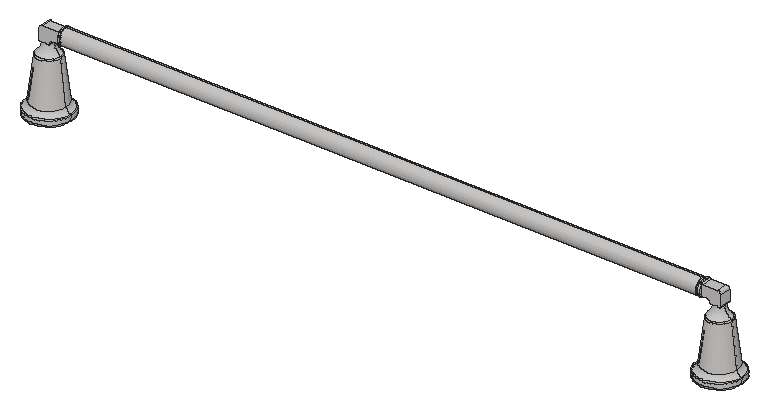
Revit family "FG74830-SUP473283_BIM", category Plumbing Fixtures, host Face, Revit 2014
Parameters (values of type "Standard")
  Width = 32"  # constant formula
  Vent Connection = no
  URL = ""
  Manufacturer = ""
  Faucet Material = Metal - Delta - Stainless-Steel
  Model = "FG74830-SUP473283"  # constant formula
  Height = 3 43/64"  # constant formula
  Description = "Faucet"  # constant formula
  Depth = 2 1/64"  # constant formula
  Default Elevation = 0"
Reference planes (in)
  plane 1 "Center (Front/Back)": y = 0
  plane 2: z = 0
  plane 3 "Center (Left/Right)": x = 0
  plane 4: y = 1.00781
  plane 5: y = -1.00781
  plane 6: z = 3.67187
  plane 7: x = 10.125
  plane 8: x = -16
  plane 9: x = 16
Forms (in)
  Revolve 1, solid, material "Metal - Delta - Stainless-Steel" <- "Faucet Material"
    sketch origin (-9.65617, 0, 0) x (1, 0, 0) y (0, 0, 1)
      loop
        line (-6.29032, 0) -> (-6.29032, 0.22378)
        arc (-6.29032, 0.22378) -> (-6.15704, 0.33659) -> (-6.08438, 0.49536) r 0.40081
        arc (-6.08438, 0.49536) -> (-5.91915, 1.43185) -> (-5.81985, 2.37761) r 13.58497
        arc (-5.81985, 2.37761) -> (-5.61627, 2.61229) -> (-5.53979, 2.91341) r 0.67301
        line (-5.53979, 2.91341) -> (-5.60164, 2.91341)
        arc (-5.60164, 2.91341) -> (-5.66764, 2.63152) -> (-5.86144, 2.41646) r 0.58117
        arc (-5.86144, 2.41646) -> (-5.88364, 2.39302) -> (-5.89331, 2.36222) r 0.07173
        arc (-5.89331, 2.36222) -> (-5.98688, 1.42749) -> (-6.12228, 0.49789) r 20.93898
        arc (-6.12228, 0.49789) -> (-6.20088, 0.35629) -> (-6.33775, 0.26972) r 0.32726
        arc (-6.33775, 0.26972) -> (-6.35516, 0.25707) -> (-6.36182, 0.2366) r 0.03482
        line (-6.36182, 0.2366) -> (-6.36182, 0.03864)
        arc (-6.36182, 0.03864) -> (-6.3505, 0.01132) -> (-6.32318, 0) r 0.03864
        line (-6.32318, 0) -> (-6.29032, 0)
      axis (-5.36183, 0) -> (-5.36183, 2.91341)
    angle from 0 to 360
  Extrusion 2, solid, material "Metal - Delta - Stainless-Steel" <- "Faucet Material"
    sketch origin (-9.65617, 0, 0) x (1, 0, 0) y (0, 0, 1)
      loop
        arc (-5.46132, 3.56021) -> (-5.56054, 3.51911) -> (-5.60164, 3.41989) r 0.14032
        line (-5.60164, 3.41989) -> (-5.60164, 2.94817)
        arc (-5.60164, 2.94817) -> (-5.59157, 2.92386) -> (-5.56726, 2.91379) r 0.03438
        line (-5.56726, 2.91379) -> (-5.16427, 2.91379)
        arc (-5.16427, 2.91379) -> (-5.13752, 2.92443) -> (-5.1254, 2.95054) r 0.03893
        arc (-5.1254, 2.95054) -> (-5.08182, 3.0444) -> (-4.98567, 3.08266) r 0.13995
        line (-4.98567, 3.08266) -> (-4.78825, 3.08266)
        arc (-4.78825, 3.08266) -> (-4.75486, 3.07531) -> (-4.72764, 3.05461) r 0.07949
        arc (-4.72764, 3.05461) -> (-4.71495, 3.04495) -> (-4.69937, 3.04152) r 0.03709
        line (-4.69937, 3.04152) -> (-4.66059, 3.04152) -> (-4.66059, 3.59776) -> (-4.69941, 3.59776)
        arc (-4.69941, 3.59776) -> (-4.71499, 3.59447) -> (-4.72789, 3.58516) r 0.03847
        arc (-4.72789, 3.58516) -> (-4.75343, 3.56673) -> (-4.78424, 3.56021) r 0.07611
        line (-4.78424, 3.56021) -> (-5.46132, 3.56021)
    from -0.23981 to 0.2398
  Revolve 3, solid, material "Metal - Delta - Stainless-Steel" <- "Faucet Material"
    sketch origin (-6.02666, 0, 0) x (1, 0, 0) y (0, 0, 1)
      loop
        line (20.22577, 3.67497) -> (-8.21014, 3.67497)
        arc (-8.21014, 3.67497) -> (-8.22674, 3.67066) -> (-8.24337, 3.6748) r 0.03477
        line (-8.24337, 3.6748) -> (-8.30621, 3.6748)
        arc (-8.30621, 3.6748) -> (-8.32996, 3.66497) -> (-8.3398, 3.64122) r 0.03359
        line (-8.3398, 3.64122) -> (-8.3398, 3.32015) -> (20.35542, 3.32015) -> (20.35542, 3.64122)
        arc (20.35542, 3.64122) -> (20.34559, 3.66497) -> (20.32184, 3.6748) r 0.03359
        line (20.32184, 3.6748) -> (20.25899, 3.6748)
        arc (20.25899, 3.6748) -> (20.24236, 3.67066) -> (20.22577, 3.67497) r 0.03477
      axis (-8.3398, 3.32015) -> (20.35542, 3.32015)
    angle from 0 to 360
  Revolve 4, solid, material "Metal - Delta - Stainless-Steel" <- "Faucet Material"
    sketch origin (9.61711, 0, 0) x (-1, 0, 0) y (0, 0, -1)
      loop
        line (-6.29032, 0) -> (-6.32318, 0)
        arc (-6.32318, 0) -> (-6.3505, -0.01132) -> (-6.36182, -0.03864) r 0.03864
        line (-6.36182, -0.03864) -> (-6.36182, -0.2366)
        arc (-6.36182, -0.2366) -> (-6.35516, -0.25707) -> (-6.33775, -0.26972) r 0.03482
        arc (-6.33775, -0.26972) -> (-6.20088, -0.35629) -> (-6.12228, -0.49789) r 0.32726
        arc (-6.12228, -0.49789) -> (-5.98688, -1.42749) -> (-5.89331, -2.36222) r 20.93898
        arc (-5.89331, -2.36222) -> (-5.88364, -2.39302) -> (-5.86144, -2.41646) r 0.07173
        arc (-5.86144, -2.41646) -> (-5.66764, -2.63152) -> (-5.60164, -2.91341) r 0.58117
        line (-5.60164, -2.91341) -> (-5.53979, -2.91341)
        arc (-5.53979, -2.91341) -> (-5.61627, -2.61229) -> (-5.81985, -2.37761) r 0.67301
        arc (-5.81985, -2.37761) -> (-5.91915, -1.43185) -> (-6.08438, -0.49536) r 13.58497
        arc (-6.08438, -0.49536) -> (-6.15704, -0.33659) -> (-6.29032, -0.22378) r 0.40081
        line (-6.29032, -0.22378) -> (-6.29032, 0)
      axis (-5.36183, 0) -> (-5.36183, -2.91341)
    angle from 0 to 360
  Extrusion 5, solid, material "Metal - Delta - Stainless-Steel" <- "Faucet Material"
    sketch origin (9.61711, 0, 0) x (-1, 0, 0) y (0, 0, -1)
      loop
        line (-5.46132, -3.56021) -> (-4.78424, -3.56021)
        arc (-4.78424, -3.56021) -> (-4.75343, -3.56673) -> (-4.72789, -3.58516) r 0.07611
        arc (-4.72789, -3.58516) -> (-4.71499, -3.59447) -> (-4.69941, -3.59776) r 0.03847
        line (-4.69941, -3.59776) -> (-4.66059, -3.59776) -> (-4.66059, -3.04152) -> (-4.69937, -3.04152)
        arc (-4.69937, -3.04152) -> (-4.71495, -3.04495) -> (-4.72764, -3.05461) r 0.03709
        arc (-4.72764, -3.05461) -> (-4.75486, -3.07531) -> (-4.78825, -3.08266) r 0.07949
        line (-4.78825, -3.08266) -> (-4.98567, -3.08266)
        arc (-4.98567, -3.08266) -> (-5.08182, -3.0444) -> (-5.1254, -2.95054) r 0.13995
        arc (-5.1254, -2.95054) -> (-5.13752, -2.92443) -> (-5.16427, -2.91379) r 0.03893
        line (-5.16427, -2.91379) -> (-5.56726, -2.91379)
        arc (-5.56726, -2.91379) -> (-5.59157, -2.92386) -> (-5.60164, -2.94817) r 0.03438
        line (-5.60164, -2.94817) -> (-5.60164, -3.41989)
        arc (-5.60164, -3.41989) -> (-5.56054, -3.51911) -> (-5.46132, -3.56021) r 0.14032
    from -0.23981 to 0.2398
Cuts and joins
  joined: Extrusion 2, Revolve 3, Extrusion 5
Dimensions and locks (in)
  equal spacing: plane 4, plane 1 "Center (Front/Back)", plane 5
  "Depth": plane 4 to plane 5
  "Height": plane 6 to plane 2
  equal spacing: plane 8, plane 3 "Center (Left/Right)", plane 9
  "Width": plane 8 to plane 9
  aligned and locked: plane 2 to host face
  aligned and locked: level to host face
Automatic sketch dimensions
  host sketch curve to host sketch curve = 96"  (x2)
  Revolve 1 sketch curve to level = 0"
  Revolve 1 sketch curve to plane 6 = 0.30802"
  Revolve 1 sketch curve to plane 8 = 20.42589"
  plane 6 to Revolve 1 sketch curve = 0.34936"
  Revolve 1 sketch curve to Revolve 1 sketch curve = 7.3978"
  Revolve 1 sketch curve to plane 8 = 0.13259"
  Revolve 1 sketch curve to Revolve 1 sketch curve = 0.0376"
  Revolve 1 sketch curve to plane 8 = 0.01799"
  plane 8 to Revolve 1 sketch curve = 0.01683"
  plane 8 to Revolve 1 sketch curve = 0.02065"
  Revolve 1 sketch curve to Revolve 1 sketch curve = 0.03286"
  plane 8 to Revolve 1 sketch curve = 0.13111"
  Revolve 1 sketch curve to Revolve 1 sketch curve = 0.03004"
  plane 8 to Revolve 1 sketch curve = 0.52203"
  Revolve 1 sketch curve to Revolve 1 sketch curve = 0.58103"
  Revolve 1 sketch curve to Revolve 1 sketch curve = 0.06185"
  Revolve 1 sketch curve to Revolve 1 sketch curve = 0.18514"
  Revolve 1 sketch curve to Revolve 1 sketch curve = 0.01282"
  Revolve 1 sketch curve to Revolve 1 sketch curve = 0.34218"
  Revolve 1 sketch curve to Revolve 1 sketch curve = 0.00221"
  plane 6 to Revolve 1 sketch curve = 1.3152"
  Revolve 1 sketch curve to Revolve 1 sketch curve = 0.54411"
  Revolve 1 sketch curve to Revolve 1 sketch curve = 0.01262"
  Revolve 1 sketch curve to Revolve 1 sketch curve = 0.02327"
  Revolve 1 sketch curve to Revolve 1 sketch curve = 0"  (x3)
  Revolve 1 sketch curve to Revolve 1 sketch curve = 0.0379"
  level to Revolve 1 sketch curve = 0.25814"
  Revolve 1 sketch curve to Revolve 1 sketch curve = 0.72255"
  level to Revolve 1 sketch curve = 0.04156"
  plane 6 to Extrusion 2 sketch curve = 0.25198"
  plane 8 to Extrusion 2 sketch curve = 95/128"
  Extrusion 2 sketch curve to Extrusion 2 sketch curve = 0.03438"
  plane 6 to Extrusion 2 sketch curve = 0.11166"
  Extrusion 2 sketch curve to Extrusion 2 sketch curve = 0.40299"
  Extrusion 2 sketch curve to Extrusion 2 sketch curve = 0.1786"
  Extrusion 2 sketch curve to Extrusion 2 sketch curve = 0.19742"
  Extrusion 2 sketch curve to Extrusion 2 sketch curve = 0.00401"
  Extrusion 2 sketch curve to Extrusion 2 sketch curve = 0.08483"
  Extrusion 2 sketch curve to Extrusion 2 sketch curve = 0.08888"
  Extrusion 2 sketch curve to Extrusion 2 sketch curve = 0.03882"
  Extrusion 2 sketch curve to Extrusion 2 sketch curve = 0.47755"
  Extrusion 2 sketch curve to Extrusion 2 sketch curve = 0.00405"
  Extrusion 2 sketch curve to Extrusion 2 sketch curve = 0.03709"
  Extrusion 2 sketch curve to Extrusion 2 sketch curve = 0.07949"
  Extrusion 2 sketch curve to Extrusion 2 sketch curve = 0.12994"
  Extrusion 2 sketch curve to Extrusion 2 sketch curve = 0.00455"
  Extrusion 2 sketch curve to Extrusion 2 sketch curve = 0.13995"
  Extrusion 2 sketch curve to Extrusion 2 sketch curve = 0.00092"
  Extrusion 2 sketch curve to Extrusion 2 sketch curve = 0.03847"
  plane 6 to Extrusion 2 sketch curve = 0.03555"
  plane 6 to Revolve 3 sketch curve = 0.35172"  (x2)
  plane 8 to Revolve 3 sketch curve = 1.63354"
  Revolve 3 sketch curve to plane 6 = 0.00293"  (x2)
  Revolve 3 sketch curve to Revolve 3 sketch curve = 0.03359"  (x2)
  Revolve 3 sketch curve to Revolve 3 sketch curve = 0.06284"  (x2)
  Revolve 3 sketch curve to Revolve 3 sketch curve = 0.01646"
  Revolve 3 sketch curve to plane 6 = 0.00309"
  Revolve 3 sketch curve to Revolve 3 sketch curve = 0.03323"  (x2)
  Revolve 3 sketch curve to plane 9 = 1.80089"
  Revolve 3 sketch curve to Revolve 3 sketch curve = 0.01676"
  Revolve 3 sketch curve to Revolve 3 sketch curve = 3.65944"
  Revolve 3 sketch curve to Revolve 3 sketch curve = 0.25226"
  Revolve 4 sketch curve to level = 0"
  Revolve 4 sketch curve to plane 6 = 0.30802"
  plane 9 to Revolve 4 sketch curve = 20.38682"
  plane 6 to Revolve 4 sketch curve = 0.34936"
  Revolve 4 sketch curve to Revolve 4 sketch curve = 7.3978"
  plane 9 to Revolve 4 sketch curve = 0.09353"
  Revolve 4 sketch curve to Revolve 4 sketch curve = 0.0376"
  Revolve 4 sketch curve to plane 9 = 0.02107"
  Revolve 4 sketch curve to plane 9 = 0.0559"
  Revolve 4 sketch curve to plane 9 = 0.05971"
  Revolve 4 sketch curve to Revolve 4 sketch curve = 0.03286"
  Revolve 4 sketch curve to plane 9 = 0.17018"
  Revolve 4 sketch curve to Revolve 4 sketch curve = 0.03004"
  Revolve 4 sketch curve to plane 9 = 0.5611"
  Revolve 4 sketch curve to Revolve 4 sketch curve = 0.58103"
  Revolve 4 sketch curve to Revolve 4 sketch curve = 0.06185"
  plane 6 to Revolve 4 sketch curve = 0.74782"
  Revolve 4 sketch curve to Revolve 4 sketch curve = 0.01065"
  Revolve 4 sketch curve to Revolve 4 sketch curve = 0.02327"
  Revolve 4 sketch curve to Revolve 4 sketch curve = 0.55673"
  Revolve 4 sketch curve to Revolve 4 sketch curve = 0.54234"
  Revolve 4 sketch curve to Revolve 4 sketch curve = 0.00221"
  Revolve 4 sketch curve to Revolve 4 sketch curve = 0.19796"
  Revolve 4 sketch curve to Revolve 4 sketch curve = 0.01282"
  Revolve 4 sketch curve to Revolve 4 sketch curve = 0"  (x3)
  Revolve 4 sketch curve to Revolve 4 sketch curve = 0.0379"
  level to Revolve 4 sketch curve = 0.25814"
  Revolve 4 sketch curve to Revolve 4 sketch curve = 0.72255"
  level to Revolve 4 sketch curve = 0.04156"
  plane 6 to Extrusion 5 sketch curve = 0.25198"
  Extrusion 5 sketch curve to plane 9 = 25/32"
  Extrusion 5 sketch curve to Extrusion 5 sketch curve = 0.03438"
  plane 6 to Extrusion 5 sketch curve = 0.11166"
  Extrusion 5 sketch curve to Extrusion 5 sketch curve = 0.40299"
  Extrusion 5 sketch curve to Extrusion 5 sketch curve = 0.1786"
  Extrusion 5 sketch curve to Extrusion 5 sketch curve = 0.19742"
  Extrusion 5 sketch curve to Extrusion 5 sketch curve = 0.00401"
  Extrusion 5 sketch curve to Extrusion 5 sketch curve = 0.08483"
  Extrusion 5 sketch curve to Extrusion 5 sketch curve = 0.08888"
  Extrusion 5 sketch curve to Extrusion 5 sketch curve = 0.03882"
  plane 6 to Extrusion 5 sketch curve = 0.07411"
  plane 6 to Extrusion 5 sketch curve = 0.03555"
  Extrusion 5 sketch curve to Extrusion 5 sketch curve = 0.03847"
  Extrusion 5 sketch curve to Extrusion 5 sketch curve = 0.47755"
  Extrusion 5 sketch curve to Extrusion 5 sketch curve = 0.00405"
  Extrusion 5 sketch curve to Extrusion 5 sketch curve = 0.03709"
  Extrusion 5 sketch curve to Extrusion 5 sketch curve = 0.07949"
  Extrusion 5 sketch curve to Extrusion 5 sketch curve = 0.12994"
  Extrusion 5 sketch curve to Extrusion 5 sketch curve = 0.00455"
  Extrusion 5 sketch curve to Extrusion 5 sketch curve = 0.13995"
